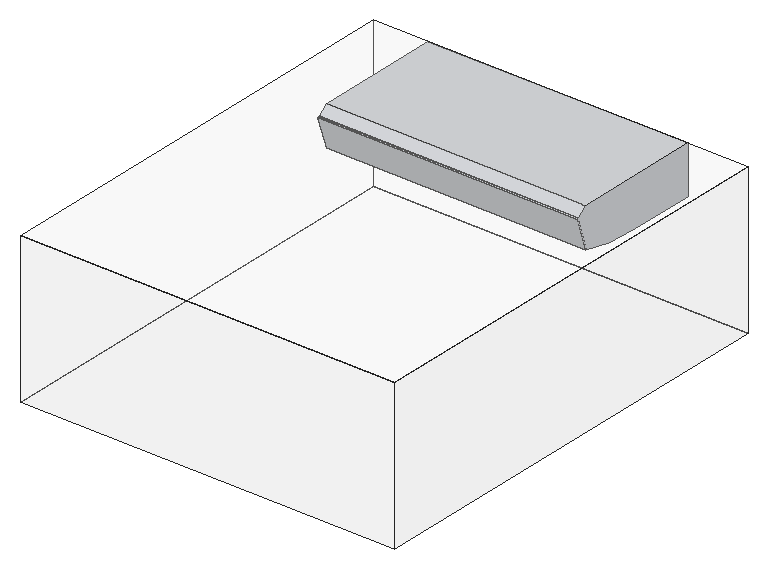
Revit family "pcfy-p45_160kmg9_50hz", category 機械設備, Revit 2019
Family settings
  丸型コネクタ寸法 = 直径を使用
  パーツ タイプ = 標準
  OmniClass 番号 = 23.75.10.24.21.27.27
  OmniClass タイトル = Split System Air Conditioning Units
  作業面ベース = いいえ
  常に垂直 = はい
  ロード時にボイドで切り取り = いいえ
  共有 = いいえ
  部屋計算ポイント = はい
Parameters (values of type "天吊_PCFY-P90KMG9")
  風量（弱）（m3／min） = 15
  風量（中2）（m3／min） = 16
  風量（中1）（m3／min） = 18
  風量（m3／min） = 20
  風量 = MAX風量  # 1200.0 m³/h
  音響パワーレベル（弱）(dB) = 54
  音響パワーレベル（中2）(dB) = 55
  音響パワーレベル（中1）(dB) = 56
  音響パワーレベル(dB) = 58
  電源種別 = ""
  電源_H = 0 mm
  電圧 = 200 V
  電動機出力_送風機 = 0.095 kW
  運転質量 = 0.00 kg
  連動 = ""
  質量 = if(製品質量 > 運転質量, 製品質量, 運転質量) * 1.2  # 38.40 kg
  負荷分類 = 3_ファン類
  説明 = "ビル用マルチ 天吊形室内機"
  設計暖房能力 = 0.00 kW
  設計冷房能力_顕熱 = 0 kW
  設計冷房能力 = 0 kW
  設置方法 = "天井吊形"
  記号 = ""
  製造元 = "三菱電機株式会社"
  製品質量 = 32.00 kg
  製品出荷対象 = "国内"
  製品リリース年月 = "2022/9/15"
  製品グループ = ""
  系統 = ""
  符号 = "ACP-CR"
  積算_科目 = "1 空気調和設備"
  積算_拾い区分 [instance] = ""
  相 = 1
  盤記号 = ""
  発停方法 = "付属スイッチ"
  特殊仕様 = ""
  点検口離隔 [instance] = if(点検口離隔入力値 > 200 mm, 200 mm, if(点検口離隔入力値 < 150 mm, 150 mm, 点検口離隔入力値))  # 150 mm
  点検口離隔入力値 [instance] = 0 mm
  点検口設置範囲 = 0 mm
  点検口 = yes
  火災停止 = ""
  消費電力_暖房 = 0.08 kW
  消費電力_冷房 = 0.09 kW
  消費電力 = if(消費電力_冷房 > 消費電力_暖房, 消費電力_冷房, 消費電力_暖房)  # 0.09 kW
  法定耐用年数 = "6"
  極数 = 1
  材質 = ""
  本体マテリアル = none
  有効加湿量 = 0
  暖房能力 = 10.00 kW
  推奨ブレーカー容量 = 15 A
  形式_加湿器 = ""
  形式 = "天井吊（露出）形"
  幹線記号 = ""
  始動方式 = "直入"
  呼称 = "室内機_天井吊(露出)形"
  周波数 = 50 Hz
  吊り位置Y = 320 mm
  吊り位置X = 1237 mm
  吊りボルト_H = 50 mm
  台数_手元リモコン = ""
  台数_冷媒分岐ユニット = ""
  参照している仕様書等のバージョン = "公共建築物標準仕様書（機械設備工事編）平成31年度版"
  加湿給水管径 = 0 mm
  分類コード = "50053003221080"
  分類グループ = ""
  冷房能力 = 9 kW
  冷媒高低圧ガス管径 = 0 mm
  冷媒管径符号 = "Bd"
  冷媒管径 = 100 mm
  冷媒液管高さ = 126 mm
  冷媒液管長さ = 184 mm
  冷媒液管径 = 9.5 mm
  冷媒ガス管高さ = 126 mm
  冷媒ガス管長さ = 200 mm
  冷媒ガス管径 = 15.9 mm
  企業コード = "108420"
  付属品_フィルター = ""
  付属品 = ""
  仕様書バージョン = "Version1.0"
  モデル = "PCFY-P90KMG9"
  パネルマテリアル = none
  ドレン管高さ = 190 mm
  ドレン管径 (外径) = 26 mm
  ドレン管径 = 20 mm
  サービススペース = yes
  コメント [instance] = ""
  ケーブル種類1 = ""
  ケーブルサイズ1 = 1.6 mm
  【値が 0 の項目は組合せ形名にてご確認ください】 = ""
  Width = 1280 mm
  Version = ""
  Uniclass2015Version = "Systems v1.9"
  Uniclass2015Title = "Split coil remote air cooled condensing units"
  Uniclass2015Code = "Pr_70_65_03_84"
  URL = "https://www.mitsubishielectric.co.jp/ldg/wink/ssl/displayProduct.do?pid=321243"
  SpecificationReference = ""
  SpecificationDescription = ""
  Revision = ""
  ProductInformation = ""
  OmniClassCode = "23-33 17 13 11"
  MIN風量 = 風量（弱）（m3／min） * 60.0 m³/h  # 900.0 m³/h
  MID風量2 = 風量（中2）（m3／min） * 60.0 m³/h  # 960.0 m³/h
  MID風量 = 風量（中1）（m3／min） * 60.0 m³/h  # 1080.0 m³/h
  MAX風量 = 風量（m3／min） * 60.0 m³/h  # 1200.0 m³/h
  IfcTypeProduct = ""
  IfcProduct = ""
  IfcExportType = "AIRCONDITIONINGUNIT"
  IfcExportAs = "IfcUnitaryEquipmentType"
  Height_本体 = 230 mm
  Height = Height_本体 + 6 mm  # 236 mm
  Depth = 680 mm
  Clearance Top = 1 mm
  Clearance Right = 300 mm  # constant formula
  Clearance Left = 270 mm  # constant formula
  Clearance Front = 1500 mm
  Clearance Bottom = 500 mm  # constant formula
  Clearance Back = 0 mm  # constant formula
  Author = "三菱電機株式会社"
Types (8, lengths in mm): name | 風量（弱）（m3／min） | 風量（中2）（m3／min） | 風量（中1）（m3／min） | 風量（m3／min） | 風量 | 音響パワーレベル（弱）(dB) | 音響パワーレベル（中2）(dB) | 音響パワーレベル（中1）(dB) | 音響パワーレベル(dB) | 電動機出力_送風機 | 質量 | 製品質量 | 消費電力_暖房 | 消費電力_冷房 | 消費電力 | 暖房能力 | 吊り位置X | 冷房能力 | 冷媒管径符号 | 冷媒液管径 | 冷媒ガス管長さ | 冷媒ガス管径 | モデル | Width | URL | MIN風量 | MID風量2 | MID風量 | MAX風量
  天吊_PCFY-P45KMG9 | 9 | 10 | 11 | 12 | 720.0 m³/h | 48 | 49 | 51 | 53 | 0.09 kW | 28.80 kg | 24.00 kg | 0.04 kW | 0.05 kW | 0.05 kW | 5.00 kW | 917 | 4.5 kW | "Ac" | 6.35 | 203 | 12.7 | "PCFY-P45KMG9" | 960 | "https://www.mitsubishielectric.co.jp/ldg/wink/ssl/displayProduct.do?pid=321240" | 540.0 m³/h | 600.0 m³/h | 660.0 m³/h | 720.0 m³/h
  天吊_PCFY-P56KMG9 | 10 | 11 | 12 | 13 | 780.0 m³/h | 49 | 51 | 53 | 55 | 0.09 kW | 28.80 kg | 24.00 kg | 0.05 kW | 0.06 kW | 0.06 kW | 6.30 kW | 917 | 5.6 kW | "Ac" | 6.35 | 203 | 12.7 | "PCFY-P56KMG9" | 960 | "https://www.mitsubishielectric.co.jp/ldg/wink/ssl/displayProduct.do?pid=321241" | 600.0 m³/h | 660.0 m³/h | 720.0 m³/h | 780.0 m³/h
  天吊_PCFY-P71KMG9 | 14 | 15 | 16 | 18 | 1080.0 m³/h | 52 | 53 | 54 | 55 | 0.095 kW | 38.40 kg | 32.00 kg | 0.07 kW | 0.08 kW | 0.08 kW | 8.00 kW | 1237 | 7.1 kW | "Bd" | 9.5 | 200 | 15.9 | "PCFY-P71KMG9" | 1280 | "https://www.mitsubishielectric.co.jp/ldg/wink/ssl/displayProduct.do?pid=321267" | 840.0 m³/h | 900.0 m³/h | 960.0 m³/h | 1080.0 m³/h
  天吊_PCFY-P80KMG9 | 14 | 15 | 16 | 18 | 1080.0 m³/h | 52 | 53 | 54 | 55 | 0.095 kW | 38.40 kg | 32.00 kg | 0.07 kW | 0.08 kW | 0.08 kW | 9.00 kW | 1237 | 8 kW | "Bd" | 9.5 | 200 | 15.9 | "PCFY-P80KMG9" | 1280 | "https://www.mitsubishielectric.co.jp/ldg/wink/ssl/displayProduct.do?pid=321242" | 840.0 m³/h | 900.0 m³/h | 960.0 m³/h | 1080.0 m³/h
  天吊_PCFY-P90KMG9 | 15 | 16 | 18 | 20 | 1200.0 m³/h | 54 | 55 | 56 | 58 | 0.095 kW | 38.40 kg | 32.00 kg | 0.08 kW | 0.09 kW | 0.09 kW | 10.00 kW | 1237 | 9 kW | "Bd" | 9.5 | 200 | 15.9 | "PCFY-P90KMG9" | 1280 | "https://www.mitsubishielectric.co.jp/ldg/wink/ssl/displayProduct.do?pid=321243" | 900.0 m³/h | 960.0 m³/h | 1080.0 m³/h | 1200.0 m³/h
  天吊_PCFY-P112KMG9 | 20 | 22 | 25 | 28 | 1680.0 m³/h | 55 | 57 | 59 | 61 | 0.16 kW | 43.20 kg | 36.00 kg | 0.13 kW | 0.14 kW | 0.14 kW | 12.50 kW | 1557 | 11.2 kW | "Bd" | 9.5 | 200 | 15.9 | "PCFY-P112KMG9" | 1600 | "https://www.mitsubishielectric.co.jp/ldg/wink/ssl/displayProduct.do?pid=321244" | 1200.0 m³/h | 1320.0 m³/h | 1500.0 m³/h | 1680.0 m³/h
  天吊_PCFY-P140KMG9 | 21 | 24 | 27 | 31 | 1860.0 m³/h | 57 | 59 | 61 | 63 | 0.16 kW | 45.60 kg | 38.00 kg | 0.15 kW | 0.16 kW | 0.16 kW | 16.00 kW | 1557 | 14 kW | "Bd" | 9.5 | 200 | 15.9 | "PCFY-P140KMG9" | 1600 | "https://www.mitsubishielectric.co.jp/ldg/wink/ssl/displayProduct.do?pid=321245" | 1260.0 m³/h | 1440.0 m³/h | 1620.0 m³/h | 1860.0 m³/h
  天吊_PCFY-P160KMG9 | 21 | 24 | 27 | 31 | 1860.0 m³/h | 58 | 60 | 62 | 64 | 0.16 kW | 46.80 kg | 39.00 kg | 0.18 kW | 0.19 kW | 0.19 kW | 18.00 kW | 1557 | 16 kW | "Bd" | 9.5 | 200 | 15.9 | "PCFY-P160KMG9" | 1600 | "https://www.mitsubishielectric.co.jp/ldg/wink/ssl/displayProduct.do?pid=321246" | 1260.0 m³/h | 1440.0 m³/h | 1620.0 m³/h | 1860.0 m³/h
Reference planes
  plane 1 "中心(正面/背面)": y = 0
  plane 2: z = 0
  plane 3 "中心(左/右)": x = 0
  plane 4: z = 236
  plane 5: x = -618.5
  plane 6: x = 618.5
  plane 7: y = 260
  plane 8: y = -60
  plane 9: y = 340
  plane 10: y = -340
  plane 11: x = -640
  plane 12: x = 640
  plane 13: x = -910
  plane 14: x = 940
  plane 15: y = 340
  plane 16: y = -1840
  plane 17: z = 237
  plane 18: z = -1020
  plane 19: z = -500
  plane 20: x = -662
Dimensions and locks
  "吊り位置X": plane 5 to plane 6
  equal spacing: plane 5, plane 3 "中心(左/右)", plane 6
  "吊り位置Y": plane 8 to plane 7
  equal spacing: plane 10, plane 1 "中心(正面/背面)", plane 9
  "Depth": plane 10 to plane 9
  equal spacing: plane 11, plane 3 "中心(左/右)", plane 12
  "Width": plane 11 to plane 12
  "Clearance Back": plane 9 to plane 15
  "Clearance Front": plane 16 to plane 10
  "Clearance Right": plane 12 to plane 14
  "Clearance Left": plane 13 to plane 11
  "Height": plane 4 to level
  locked: plane 7 to plane 9 at 80
  "Clearance Bottom": level to plane 19
  "Clearance Top": plane 17 to plane 4
  aligned and locked: level to plane 2
  aligned and locked: plane 5 to nested 2
  aligned and locked: plane 6 to nested 2
  aligned and locked: nested 2 to plane 7
  aligned and locked: plane 8 to nested 2
  aligned and locked: nested 1 to plane 13
  aligned and locked: nested 1 to plane 14
  aligned and locked: plane 16 to nested 1
  aligned and locked: plane 15 to nested 1
  aligned and locked: plane 17 to nested 1
  aligned and locked: plane 1 "中心(正面/背面)" to nested 3
  aligned and locked: plane 3 "中心(左/右)" to nested 3
  aligned and locked: plane 19 to nested 1
Nested families
  nested 1: "サービススペース" at (15, -750, -131.5), visible <- "サービススペース", type "サービススペース"
    with Width 1850 mm, Height 737 mm, Depth 2180 mm
  nested 2: "固定点" at (-618.5, -60, 0), type "固定点"
    with W 1237 mm, D 320 mm
  nested 3: "PCFY-P-KMG" at (0, 0, 0), type "PCFY-P-KMG", detail levels fine
    with 冷媒配管サイズ 9.5 mm, 吊りボルト-W 1237 mm, ガス配管サイズ 15.9 mm, 幅さ 1280 mm
Connectors
  electrical at (356, 339, 206), driven by "極数", driven by "負荷分類", driven by "電圧", driven by "消費電力"
    settings: on nested 3, index 1, voltage 200 V, apparent load 90 VA, apparent load phase1 0 VA, apparent load phase2 0 VA, apparent load phase3 0 VA, power factor 1, load classification "3_ファン類", number of poles 1, system type 30, power factor state 1, is connector primary yes, connector utility no, sub classification motor no, connector description ""
  piping at (511.5, 140, 110), diameter 9.5, driven by "冷媒液管径"
    settings: on nested 3, index 2, connector inside diameter 609.6 mm, connector length 0 mm, flow factor 0, pipe flow 0.0 L/s, pressure drop 0.0 Pa, fitting loss kfactor 0, connector angle 0.00°, fixture units 0, engagement length 0 mm, angle of deflection 0.00°, flow configuration 1, flow direction 1, fitting loss method 4, system type 7, joint type 0, gender type 0, connector reference index -1, connector utility 0, adjustable connector no, is connector primary yes, connector description ""
  piping at (502, 94, 46), diameter 20, driven by "ドレン管径"
    settings: on nested 3, index 3, connector inside diameter 609.6 mm, connector length 0 mm, flow factor 0, pipe flow 0.0 L/s, pressure drop 0.0 Pa, fitting loss kfactor 0, connector angle 0.00°, fixture units 0, engagement length 0 mm, angle of deflection 0.00°, flow configuration 1, flow direction 2, fitting loss method 0, system type 16, joint type 0, gender type 0, connector reference index -1, connector utility 0, adjustable connector no, is connector primary no, connector description ""
  piping at (-565, 94, 46), diameter 20, driven by "ドレン管径"
    settings: on nested 3, index 4, connector inside diameter 609.6 mm, connector length 0 mm, flow factor 0, pipe flow 0.0 L/s, pressure drop 0.0 Pa, fitting loss kfactor 0, connector angle 0.00°, fixture units 0, engagement length 0 mm, angle of deflection 0.00°, flow configuration 1, flow direction 2, fitting loss method 4, system type 16, joint type 0, gender type 0, connector reference index -1, connector utility 0, adjustable connector no, is connector primary no, connector description ""
Definition of nested family "サービススペース"
  Parameters (values of type "サービススペース")
    Width [instance] = 500 mm
    Height [instance] = 500 mm
    Depth [instance] = 500 mm
  Reference planes
    plane 1 "中心(正面/背面)": y = 0
    plane 2: z = 0
    plane 3 "中心(左/右)": x = 0
    plane 4: y = -250
    plane 5: x = 250
    plane 6: y = 250
    plane 7: x = -250
    plane 8: z = 250
    plane 9: z = -250
  Forms (mm)
    Extrusion 1, solid
      sketch origin (-638.939, 0, 72.39) x (1, 0, 0) y (0, 1, 0)
        loop
          line (388.939, 250) -> (388.939, -250) -> (888.939, -250) -> (888.939, 250) -> (388.939, 250)
      from -322.39 to 177.61
  Lines and regions (mm)
    symbolic lines
      curve 1: line (-250, 0, 250) -> (250, 0, 250)
      curve 2: line (-250, 0, -250) -> (-250, 0, 250)
      curve 3: line (250, 0, -250) -> (-250, 0, -250)
      curve 4: line (250, 0, 250) -> (250, 0, -250)
      curve 5: line (0, -250, 250) -> (0, 250, 250)
      curve 6: line (0, -250, -250) -> (0, -250, 250)
      curve 7: line (0, 250, -250) -> (0, -250, -250)
      curve 8: line (0, 250, 250) -> (0, 250, -250)
      curve 9: line (-250, 250, 0) -> (250, 250, 0)
      curve 10: line (-250, -250, 0) -> (-250, 250, 0)
      curve 11: line (250, -250, 0) -> (-250, -250, 0)
      curve 12: line (250, 250, 0) -> (250, -250, 0)
  Dimensions and locks
    equal spacing: plane 7, plane 3 "中心(左/右)", plane 5
    equal spacing: plane 4, plane 1 "中心(正面/背面)", plane 6
    "Depth": plane 4 to plane 6
    "Width": plane 7 to plane 5
    equal spacing: plane 8, plane 2, plane 9
    "Height": plane 8 to plane 9
    aligned and locked: plane 9 to curve 3
    aligned and locked: plane 7 to curve 2
    aligned and locked: curve 4 to plane 5
    aligned and locked: plane 5 to Extrusion 1
    aligned and locked: Extrusion 1 to plane 7
    aligned and locked: Extrusion 1 to plane 9
    aligned and locked: plane 8 to Extrusion 1
    aligned and locked: plane 9 to curve 7
  Automatic sketch dimensions
    plane 4 to Extrusion 1 sketch curve = 0 mm
    Extrusion 1 sketch curve to plane 7 = 0 mm
    Extrusion 1 sketch curve to plane 5 = 0 mm
    plane 6 to Extrusion 1 sketch curve = 0 mm
    curve 2 to plane 8 = 0 mm
    plane 4 to curve 11 = 0 mm
    curve 11 to plane 7 = 0 mm
    curve 11 to plane 5 = 0 mm
    plane 6 to curve 10 = 0 mm
    curve 7 to plane 4 = 0 mm
    curve 7 to plane 6 = 0 mm
    curve 6 to plane 8 = 0 mm
Definition of nested family "PCFY-P-KMG"
  Parameters (values of type "PCFY-P-KMG")
    配線取出口サイズ = 22 mm
    配線取出口-Z = 0 mm
    配線取出口-Y = 0 mm
    配線取出口-X = 0 mm
    液配管サイズ = 100 mm
    高さ = 236 mm
    奥行き = 680 mm
    吊りボルト_H = 50 mm
    冷媒配管サイズ = 6.35 mm
    冷媒液管径-Z = 0 mm
    冷媒液管径-Y = 0 mm
    冷媒液管径-X = 0 mm
    冷媒ガス管径-Z = 0 mm
    冷媒ガス管径-Y = 0 mm
    冷媒ガス管径-X = 0 mm
    吊りボルト-W = 917 mm
    マテリアル = none
    ドレン配管サイズ = 26 mm
    ドレン管径-Z = 0 mm
    ドレン管径-Y = 0 mm
    ドレン管径-X = 0 mm
    ガス配管サイズ = 12.7 mm
    吊りボルト-D = 320 mm
    幅さ = 960 mm
  Reference planes
    plane 1 "中心(正面/背面)": y = 0
    plane 2: z = 0
    plane 3 "中心(左/右)": x = 0
    plane 4: z = 236
    plane 5: x = -480
    plane 6: x = 480
    plane 7: y = 340
    plane 8: y = -340
    plane 9: y = -289
    plane 10: y = -330
    plane 11: y = -335
    plane 12: z = 84
    plane 13: z = 172
    plane 14: z = 195
    plane 15: z = 200
    plane 16: z = 40
    plane 17: x = -426.5
    plane 18: x = 426.5
    plane 19: x = 373
    plane 20: y = -136
    plane 21: y = -193
    plane 22: y = 86
    plane 23: z = 110
    plane 24: z = 46
    plane 25: x = -469
    plane 26: y = 156
    plane 27: y = 137
    plane 28: y = 94
    plane 29: x = -158
    plane 30: z = 206
    plane 31: x = -405
    plane 32: x = 342
    plane 33: x = 394
    plane 34: x = 309
    plane 35: x = 196
    plane 36: x = 168
    plane 37: y = 140
  Forms (mm)
    Extrusion 1, solid, material <- "マテリアル"
      sketch origin (480, 1296.25, 1200) x (0, 1, 0) y (0, 0, 1)
        loop
          line (-1585.25, -964) -> (-1626.25, -1000) -> (-1631.25, -1000) -> (-1636.25, -1005) -> (-1585.25, -1160)
          arc (-1585.25, -1160) -> (-1442.128, -1189.953) -> (-1296.25, -1200) r 1064.013
          line (-1296.25, -1200) -> (-956.25, -1200) -> (-956.25, -964) -> (-1585.25, -964)
      from -960 to 0
    Extrusion 2, solid, material <- "マテリアル"
      sketch origin (674, 0, 0) x (1, 0, 0) y (0, 0, 1)
        loop
          circle (-478, 206) r 11
      from -339 to -340
    Extrusion 3, solid, material <- "マテリアル"
      sketch origin (0, 0, 0) x (-1, 0, 0) y (0, 0, -1)
        loop
          circle (-394, -110) r 6.35
      from -140 to -37
    Extrusion 4, solid, material <- "マテリアル"
      sketch origin (0, 0, 0) x (-1, 0, 0) y (0, 0, -1)
        loop
          circle (-351.5, -110) r 50
      from -140 to -37
    Extrusion 5, solid, material <- "マテリアル"
      sketch origin (0, 0, 0) x (-1, 0, 0) y (0, 0, -1)
        loop
          circle (-309, -110) r 3.175
      from -156 to -56
    Extrusion 6, solid, material <- "マテリアル"
      sketch origin (0, 0, 0) x (-1, 0, 0) y (0, 0, -1)
        loop
          circle (405, -46) r 13
        loop
          circle (-342, -46) r 13
      from -94 to 6
    Extrusion 7, solid, material <- "マテリアル"
      sketch origin (646, 0, 0) x (1, 0, 0) y (0, 0, 1)
        loop
          circle (-478, 206) r 11
      from -339 to -340
    Extrusion 8, solid, material <- "マテリアル"
      sketch origin (674, 0, -169) x (1, 0, 0) y (0, 0, 1)
        loop
          circle (-478, 206) r 11
      from -339 to -340
    Extrusion 9, solid, material <- "マテリアル"
      sketch origin (646, 0, -169) x (1, 0, 0) y (0, 0, 1)
        loop
          circle (-478, 206) r 11
      from -339 to -340
  Lines and regions (mm)
    model lines
      curve 1: line (426.5, -303.59, 84.341) -> (426.5, -332.355, 171.766)
      curve 2: line (426.5, -332.355, 171.766) -> (-426.5, -332.355, 171.766)
      curve 3: line (-426.5, -303.59, 84.341) -> (426.5, -303.59, 84.341)
      curve 4: line (-426.5, -332.355, 171.766) -> (-426.5, -303.59, 84.341)
      curve 5: line (-426.5, 310, 0) -> (-426.5, 86, 0)
      curve 6: line (426.5, 310, 0) -> (426.5, 86, 0)
      curve 7: line (426.5, 310, 0) -> (-426.5, 310, 0)
      curve 8: line (426.5, 86, 0) -> (-426.5, 86, 0)
      curve 9: line (426.5, 294, 0) -> (-426.5, 294, 0)
      curve 10: line (426.5, 278, 0) -> (-426.5, 278, 0)
      curve 11: line (426.5, 262, 0) -> (-426.5, 262, 0)
      curve 12: line (426.5, 246, 0) -> (-426.5, 246, 0)
      curve 13: line (426.5, 230, 0) -> (-426.5, 230, 0)
      curve 14: line (426.5, 214, 0) -> (-426.5, 214, 0)
      curve 15: line (426.5, 198, 0) -> (-426.5, 198, 0)
      curve 16: line (426.5, 182, 0) -> (-426.5, 182, 0)
      curve 17: line (426.5, 166, 0) -> (-426.5, 166, 0)
      curve 18: line (426.5, 150, 0) -> (-426.5, 150, 0)
      curve 19: line (426.5, 134, 0) -> (-426.5, 134, 0)
      curve 20: line (426.5, 118, 0) -> (-426.5, 118, 0)
      curve 21: line (426.5, 102, 0) -> (-426.5, 102, 0)
  Dimensions and locks
    equal spacing: plane 8, plane 1 "中心(正面/背面)", plane 7
    "奥行き": plane 8 to plane 7
    equal spacing: plane 5, plane 3 "中心(左/右)", plane 6
    "幅さ": plane 5 to plane 6
    "高さ": plane 4 to level
    locked: plane 8 to plane 11 at 5
    locked: plane 8 to plane 10 at 10
    locked: plane 8 to plane 9 at 51
    locked: plane 12 to level at 84
    locked: plane 14 to level at 195
    locked: plane 15 to level at 200
    locked: plane 16 to level at 40
    plane 17 to plane 18 = 853 mm
    locked: plane 5 to plane 17 at 53.5
    locked: plane 18 to plane 6 at 53.5
    locked: plane 13 to plane 12 at 88
    locked: plane 21 to plane 20 at 57
    locked: plane 20 to plane 7 at 476
    locked: plane 22 to plane 7 at 254
    locked: plane 4 to plane 23 at 126
    locked: plane 4 to plane 24 at 190
    locked: plane 28 to plane 7 at 246
    locked: plane 26 to plane 7 at 184
    locked: plane 27 to plane 7 at 203
    locked: plane 5 to plane 29 at 322
    locked: plane 4 to plane 30 at 30
    plane 33 to plane 6 = 86 mm
    plane 34 to plane 33 = 85 mm
    plane 32 to plane 6 = 138 mm
    plane 5 to plane 31 = 75 mm
    plane 6 to plane 35 = 284 mm
    plane 35 to plane 36 = 28 mm
    "配線取出口サイズ": diameter of Extrusion 2 sketch curve
    "ガス配管サイズ": diameter of Extrusion 3 sketch curve
    "液配管サイズ": diameter of Extrusion 4 sketch curve
    "冷媒配管サイズ": diameter of Extrusion 5 sketch curve
    "ドレン配管サイズ": diameter of Extrusion 6 sketch curve  (x2)
    "配線取出口サイズ": diameter of Extrusion 7 sketch curve
    "配線取出口サイズ": diameter of Extrusion 8 sketch curve
    "配線取出口サイズ": diameter of Extrusion 9 sketch curve
    aligned and locked: level to plane 2
    aligned and locked: Extrusion 1 sketch curve to plane 4
    aligned and locked: Extrusion 1 sketch curve to plane 7
    aligned and locked: Extrusion 1 sketch curve to level
    aligned and locked: plane 15 to Extrusion 1 sketch curve
    aligned and locked: plane 14 to Extrusion 1 sketch curve
    aligned and locked: plane 16 to Extrusion 1 sketch curve
    aligned and locked: Extrusion 1 to plane 5
    aligned and locked: plane 6 to Extrusion 1
    aligned and locked: curve 4 to plane 17
    aligned and locked: plane 18 to curve 1
    aligned and locked: curve 5 to plane 17
    aligned and locked: curve 6 to plane 18
    aligned and locked: curve 8 to plane 22
    aligned and locked: plane 30 to Extrusion 2 sketch curve
    aligned and locked: plane 7 to Extrusion 2
  Automatic sketch dimensions
    plane 7 to curve 7 = 30 mm
    curve 21 to plane 28 = 8 mm
    curve 21 to curve 20 = 16 mm
    plane 27 to curve 19 = 3 mm
    plane 26 to curve 18 = 6 mm
    curve 17 to plane 26 = 10 mm
    curve 17 to curve 16 = 16 mm
    curve 16 to curve 15 = 16 mm
    curve 15 to curve 14 = 16 mm
    curve 14 to curve 13 = 16 mm
    curve 13 to curve 12 = 16 mm
    curve 12 to curve 11 = 16 mm
    curve 11 to curve 10 = 16 mm
    curve 10 to curve 9 = 16 mm
    Extrusion 1 sketch curve to plane 8 = 0 mm
    Extrusion 1 sketch curve to plane 11 = 0 mm
    Extrusion 1 sketch curve to plane 10 = 0 mm
    Extrusion 1 sketch curve to plane 9 = 0 mm  (x2)
    Extrusion 1 sketch curve to plane 1 "中心(正面/背面)" = 0 mm
    Extrusion 1 to curve 1 = 24.459 mm
    curve 3 to Extrusion 1 = 46.68 mm
    Extrusion 1 to curve 4 = 53.5 mm
    Extrusion 1 to curve 3 = 53.5 mm
    Extrusion 2 sketch curve to plane 35 = 0 mm
    Extrusion 3 sketch curve to plane 23 = 0 mm
    Extrusion 3 sketch curve to plane 33 = 0 mm
    Extrusion 4 sketch curve to plane 23 = 0 mm
    Extrusion 4 sketch curve to plane 32 = 9.5 mm
    Extrusion 5 sketch curve to plane 23 = 0 mm
    Extrusion 5 sketch curve to plane 34 = 0 mm
    Extrusion 6 sketch curve to plane 24 = 0 mm  (x2)
    Extrusion 6 sketch curve to plane 32 = 0 mm
    Extrusion 6 sketch curve to plane 31 = 0 mm
    Extrusion 7 sketch curve to plane 30 = 0 mm
    Extrusion 7 sketch curve to plane 36 = 0 mm
    Extrusion 8 sketch curve to plane 35 = 0 mm
    Extrusion 8 sketch curve to plane 16 = 3 mm
    Extrusion 9 sketch curve to plane 36 = 0 mm
    Extrusion 9 sketch curve to plane 16 = 3 mm
Definition of nested family "固定点"
  Parameters (values of type "固定点")
    中心円 = 20 mm
    W [instance] = 1000 mm
    D [instance] = 1000 mm
  Reference planes
    plane 1 "中心(正面/背面)": y = 0
    plane 2: z = 0
    plane 3 "中心(左/右)": x = 0
    plane 4: x = 1000
    plane 5: y = 1000
  Lines and regions (mm)
    symbolic lines, detail levels fine
      curve 1: circle (0, 1000, 0) r 10 normal (0, 0, 1)
      curve 2: circle (0, 0, 0) r 10 normal (0, 0, 1)
      curve 3: circle (1000, 1000, 0) r 10 normal (0, 0, 1)
      curve 4: circle (1000, 0, 0) r 10 normal (0, 0, 1)
      curve 5: line (-200, 1000, 0) -> (1200, 1000, 0)
      curve 6: line (-200, 0, 0) -> (1200, 0, 0)
      curve 7: line (0, 1200, 0) -> (0, -200, 0)
      curve 8: line (1000, 1200, 0) -> (1000, -200, 0)
  Dimensions and locks
    "W": plane 3 "中心(左/右)" to plane 4
    "D": plane 1 "中心(正面/背面)" to plane 5
    "中心円": diameter of curve 1
    "中心円": diameter of curve 2
    "中心円": diameter of curve 3
    "中心円": diameter of curve 4
    aligned and locked: level to plane 2
    aligned and locked: plane 5 to curve 1
    aligned and locked: plane 3 "中心(左/右)" to curve 1
    aligned and locked: plane 3 "中心(左/右)" to curve 2
    aligned and locked: plane 1 "中心(正面/背面)" to curve 2
    aligned and locked: plane 4 to curve 3
    aligned and locked: plane 5 to curve 3
    aligned and locked: plane 1 "中心(正面/背面)" to curve 4
    aligned and locked: plane 4 to curve 4
    aligned and locked: plane 1 "中心(正面/背面)" to curve 6
    aligned and locked: curve 7 to plane 3 "中心(左/右)"
    aligned and locked: curve 8 to plane 4
  Automatic sketch dimensions
    curve 5 to plane 5 = 0 mm
    curve 6 to plane 3 "中心(左/右)" = 200 mm
    curve 5 to plane 3 "中心(左/右)" = 200 mm
    curve 4 to curve 6 = 200 mm
    curve 3 to curve 5 = 200 mm
    plane 1 "中心(正面/背面)" to curve 8 = 200 mm
    plane 1 "中心(正面/背面)" to curve 7 = 200 mm
    curve 3 to curve 8 = 200 mm
    curve 1 to curve 7 = 200 mm
